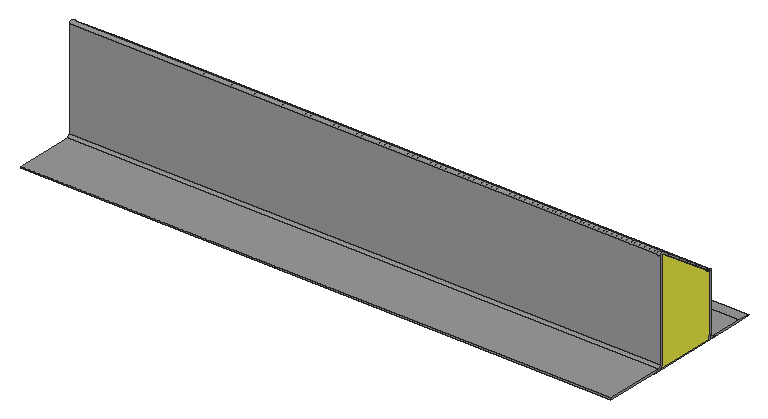
Revit family "HD K 130 WIL", category Generic Models, Revit 2014
Parameters (values of type "Max lintel length 2700mm")
  URL = "http://www.keystonelintels.co.uk"
  Structural Opening [instance] = 900 mm
  Structural Performance = "The Keystone lintel range has safe working loads as detailed in each applicable loading table in the Keystone Lintel Guide brochure. The structural performance figures within each table have been ascertained by testing in accordance with the requirements of standards BS EN 5977-2: 1983 and BS EN 845-2: 2003."
  RIBA Productor Selector = "available for Keystone Lintels Ltd from Keystone Lintels Ltd from ribaproductselector.com"
  Model = "HD/K 130 WIL"
  Min Length = 600 mm
  Min Clear Span = 300 mm
  Max Length = 2700 mm
  Max Clear Span = 2700 mm
  Material - Stainless Steel = "Grade 304 2b 1.4307 to BS EN 10088-2. Other grades available on request: contact manufacturer."
  Material - Galvanised Steel = "To BS EN 10346: 2009. DX51D plus Z600 or grade Z275 to BS 5977-2: 1983 (BS EN 845-2: 2003)."
  Manufacturer = "Keystone"
  Manufactured Length [instance] = (roundup(Effective Length / 150 mm) * 150 mm)  # 1200 mm
  Lintel height [instance] = 2100 mm
  Keynote = "F30/755"
  Fire Performance = "Keystone lintels have been subjected to a fire test (WARRES No. 101263) in accordance with BS 476-20: 1987, at Exova Warrington Fire and achieved a one hour fire performance."
  End Bearing = 150 mm
  Effective Length [instance] = Clear Opening with MIN MAX set + End Bearing * 2  # 1200 mm
  Corrosion = "Keystone’s standard range of lintels are manufactured from high quality grade pre-galvanized carbon steel with a zinc coating of 600"
  Contact Tel = "+44 (0)28 8676 2184"
  Contact Email = "info@keystonelintels.co.uk"
  Clear Opening with MIN MAX set [instance] = if(Structural Opening < Min Clear Span, Min Clear Span, (if(Structural Opening > Max Clear Span, Max Clear Span, Structural Opening)))  # 900 mm
  CPD Information = "Available for Keystone Lintels Ltd from ribacpd.com"
Reference planes
  plane 1 "Center (Front/Back)": y = 0
  plane 2: z = 0
  plane 3 "Center (Left/Right)": x = 0
  plane 4: x = -600
  plane 5: x = 600
  plane 6: z = 2100
  plane 7: x = -450
  plane 8: x = 450
Forms (mm)
  Extrusion 1, solid, material "Steel"
    sketch origin (0, 700.839, -504.723) x (0, 1, 0) y (0, 0, 1)
      loop
        line (-568.041, 2604.723) -> (-543.095, 2603.874) -> (-542.986, 2607.072) -> (-567.986, 2607.923) -> (-632.986, 2607.923)
        arc (-632.986, 2607.923) -> (-636.522, 2609.388) -> (-637.986, 2612.923) r 5
        line (-637.986, 2612.923) -> (-637.986, 2729.215)
        arc (-637.986, 2729.215) -> (-638.574, 2731.616) -> (-640.204, 2733.474) r 5.2
        line (-640.204, 2733.474) -> (-757.804, 2815.819)
        arc (-757.804, 2815.819) -> (-763.187, 2816.171) -> (-765.986, 2811.559) r 5.2
        line (-765.986, 2811.559) -> (-765.986, 2612.923)
        arc (-765.986, 2612.923) -> (-767.451, 2609.388) -> (-770.986, 2607.923) r 5
        line (-770.986, 2607.923) -> (-890.986, 2607.923) -> (-890.986, 2604.723) -> (-770.986, 2604.723)
        arc (-770.986, 2604.723) -> (-765.188, 2607.125) -> (-762.786, 2612.923) r 8.2
        line (-762.786, 2612.923) -> (-762.786, 2811.559)
        arc (-762.786, 2811.559) -> (-761.71, 2813.333) -> (-759.639, 2813.197) r 2
        line (-759.639, 2813.197) -> (-642.039, 2730.853)
        arc (-642.039, 2730.853) -> (-641.412, 2730.138) -> (-641.186, 2729.215) r 2
        line (-641.186, 2729.215) -> (-641.186, 2612.923)
        arc (-641.186, 2612.923) -> (-638.784, 2607.125) -> (-632.986, 2604.723) r 8.2
        line (-632.986, 2604.723) -> (-568.041, 2604.723)
    from -600 to 600
  Extrusion 2, solid, material "Steel"
    sketch origin (0, 700.839, -504.723) x (0, 1, 0) y (0, 0, 1)
      loop
        line (-779.457, 2603.723) -> (-624.426, 2603.723) -> (-624.426, 2604.723) -> (-638.957, 2604.723) -> (-641.426, 2604.723) -> (-641.426, 2612.723) -> (-642.426, 2612.723) -> (-642.426, 2604.723) -> (-779.457, 2604.723) -> (-779.457, 2603.723)
    from -600 to 600
  Extrusion 3, solid, material "Insulation"
    sketch origin (0, 700.839, -504.723) x (0, 1, 0) y (0, 0, 1)
      loop
        line (-642.426, 2604.723) -> (-642.426, 2612.723) -> (-641.426, 2612.723) -> (-641.426, 2604.723) -> (-638.957, 2604.723) -> (-632.986, 2604.723)
        arc (-632.986, 2604.723) -> (-638.784, 2607.125) -> (-641.186, 2612.923) r 8.2
        line (-641.186, 2612.923) -> (-641.186, 2729.215)
        arc (-641.186, 2729.215) -> (-641.412, 2730.138) -> (-642.039, 2730.853) r 2
        line (-642.039, 2730.853) -> (-759.639, 2813.197)
        arc (-759.639, 2813.197) -> (-761.71, 2813.333) -> (-762.786, 2811.559) r 2
        line (-762.786, 2811.559) -> (-762.786, 2612.923)
        arc (-762.786, 2612.923) -> (-765.188, 2607.125) -> (-770.986, 2604.723) r 8.2
        line (-770.986, 2604.723) -> (-642.426, 2604.723)
    from -600 to 600
  Extrusion 4, solid, not visible
    sketch origin (0, 971.816, 1223.501) x (0, 1, 0) y (0, 0, 1)
      loop
        line (-568.041, 1004.723) -> (-543.095, 1003.874) -> (-542.986, 1007.072) -> (-567.986, 1007.923) -> (-632.986, 1007.923)
        arc (-632.986, 1007.923) -> (-636.522, 1009.388) -> (-637.986, 1012.923) r 5
        line (-637.986, 1012.923) -> (-637.986, 1129.215)
        arc (-637.986, 1129.215) -> (-638.574, 1131.616) -> (-640.204, 1133.474) r 5.2
        line (-640.204, 1133.474) -> (-757.804, 1215.819)
        arc (-757.804, 1215.819) -> (-763.187, 1216.171) -> (-765.986, 1211.559) r 5.2
        line (-765.986, 1211.559) -> (-765.986, 1012.923)
        arc (-765.986, 1012.923) -> (-767.451, 1009.388) -> (-770.986, 1007.923) r 5
        line (-770.986, 1007.923) -> (-890.986, 1007.923) -> (-890.986, 1004.723) -> (-770.986, 1004.723)
        arc (-770.986, 1004.723) -> (-765.188, 1007.125) -> (-762.786, 1012.923) r 8.2
        line (-762.786, 1012.923) -> (-762.786, 1211.559)
        arc (-762.786, 1211.559) -> (-761.71, 1213.333) -> (-759.639, 1213.197) r 2
        line (-759.639, 1213.197) -> (-642.039, 1130.853)
        arc (-642.039, 1130.853) -> (-641.412, 1130.138) -> (-641.186, 1129.215) r 2
        line (-641.186, 1129.215) -> (-641.186, 1012.923)
        arc (-641.186, 1012.923) -> (-638.784, 1007.125) -> (-632.986, 1004.723) r 8.2
        line (-632.986, 1004.723) -> (-568.041, 1004.723)
    from 0 to 250
  Extrusion 5, solid, not visible
    sketch origin (0, 602.724, 1240.059) x (0, 1, 0) y (0, 0, 1)
      loop
        line (-642.426, 1004.723) -> (-642.426, 1012.723) -> (-641.426, 1012.723) -> (-641.426, 1004.723) -> (-638.957, 1004.723) -> (-632.986, 1004.723)
        arc (-632.986, 1004.723) -> (-638.784, 1007.125) -> (-641.186, 1012.923) r 8.2
        line (-641.186, 1012.923) -> (-641.186, 1129.215)
        arc (-641.186, 1129.215) -> (-641.412, 1130.138) -> (-642.039, 1130.853) r 2
        line (-642.039, 1130.853) -> (-759.639, 1213.197)
        arc (-759.639, 1213.197) -> (-761.71, 1213.333) -> (-762.786, 1211.559) r 2
        line (-762.786, 1211.559) -> (-762.786, 1012.923)
        arc (-762.786, 1012.923) -> (-765.188, 1007.125) -> (-770.986, 1004.723) r 8.2
        line (-770.986, 1004.723) -> (-642.426, 1004.723)
    from 0 to 250
  Extrusion 6, solid, not visible
    sketch origin (0, 934.319, 984.699) x (0, 1, 0) y (0, 0, 1)
      loop
        line (-779.457, 1003.723) -> (-624.426, 1003.723) -> (-624.426, 1004.723) -> (-638.957, 1004.723) -> (-641.426, 1004.723) -> (-641.426, 1012.723) -> (-642.426, 1012.723) -> (-642.426, 1004.723) -> (-779.457, 1004.723) -> (-779.457, 1003.723)
    from 0 to 250
Dimensions and locks
  equal spacing: plane 4, plane 3 "Center (Left/Right)", plane 5
  "Manufactured Length": plane 4 to plane 5
  "Lintel height": plane 6 to level
  "Structural Opening": plane 7 to plane 8
  equal spacing: plane 7, plane 3 "Center (Left/Right)", plane 8
  aligned and locked: level to plane 2
  aligned and locked: Extrusion 1 to plane 6
  aligned and locked: Extrusion 3 to plane 6
  aligned and locked: plane 6 to Extrusion 2
  aligned and locked: plane 5 to Extrusion 1
  aligned and locked: Extrusion 1 to plane 4
  aligned and locked: plane 5 to Extrusion 3
  aligned and locked: Extrusion 3 to plane 4
  aligned and locked: plane 5 to Extrusion 2
  aligned and locked: Extrusion 2 to plane 4
Automatic sketch dimensions
  Extrusion 1 sketch curve to Extrusion 1 sketch curve = 24.946 mm
  Extrusion 1 sketch curve to Extrusion 1 sketch curve = 0.109 mm
  Extrusion 1 sketch curve to Extrusion 1 sketch curve = 0.849 mm
  Extrusion 1 sketch curve to Extrusion 1 sketch curve = 0.054 mm
  Extrusion 1 sketch curve to Extrusion 1 sketch curve = 65 mm
  Extrusion 1 sketch curve to Extrusion 1 sketch curve = 5 mm  (x2)
  Extrusion 1 sketch curve to Extrusion 1 sketch curve = 116.291 mm
  Extrusion 1 sketch curve to Extrusion 1 sketch curve = 0 mm  (x17)
  Extrusion 1 sketch curve to Extrusion 1 sketch curve = 2 mm
  Extrusion 1 sketch curve to Extrusion 1 sketch curve = 0.853 mm
  Extrusion 1 sketch curve to Extrusion 1 sketch curve = 1.835 mm  (x2)
  Extrusion 1 sketch curve to Extrusion 1 sketch curve = 117.6 mm
  Extrusion 1 sketch curve to Extrusion 1 sketch curve = 82.344 mm
  Extrusion 1 sketch curve to Extrusion 1 sketch curve = 2.621 mm
  Extrusion 1 sketch curve to Extrusion 1 sketch curve = 1.147 mm
  Extrusion 1 sketch curve to Extrusion 1 sketch curve = 1.638 mm
  Extrusion 1 sketch curve to Extrusion 1 sketch curve = 120 mm
  Extrusion 2 sketch curve to Extrusion 2 sketch curve = 155.031 mm
  Extrusion 2 sketch curve to Extrusion 2 sketch curve = 1 mm  (x2)
  Extrusion 2 sketch curve to Extrusion 2 sketch curve = 14.531 mm
  Extrusion 2 sketch curve to Extrusion 2 sketch curve = 2.469 mm
  Extrusion 2 sketch curve to Extrusion 2 sketch curve = 8 mm
  Extrusion 2 sketch curve to Extrusion 2 sketch curve = 0 mm
  Extrusion 3 sketch curve to Extrusion 3 sketch curve = 128.56 mm
  Extrusion 3 sketch curve to Extrusion 3 sketch curve = 8 mm
  Extrusion 3 sketch curve to Extrusion 3 sketch curve = 1 mm
  Extrusion 3 sketch curve to Extrusion 3 sketch curve = 0 mm  (x2)
  Extrusion 3 sketch curve to Extrusion 3 sketch curve = 2.469 mm
  Extrusion 3 sketch curve to Extrusion 3 sketch curve = 5.971 mm
  Extrusion 3 sketch curve to Extrusion 3 sketch curve = 8.44 mm
  Extrusion 3 sketch curve to Extrusion 3 sketch curve = 8.2 mm  (x3)
  Extrusion 3 sketch curve to Extrusion 3 sketch curve = 116.291 mm
  Extrusion 3 sketch curve to Extrusion 3 sketch curve = 82.344 mm
  Extrusion 3 sketch curve to Extrusion 3 sketch curve = 2 mm
  Extrusion 3 sketch curve to Extrusion 3 sketch curve = 0.853 mm
  Extrusion 3 sketch curve to Extrusion 3 sketch curve = 3.147 mm
  Extrusion 3 sketch curve to Extrusion 3 sketch curve = 1.638 mm
  Extrusion 3 sketch curve to Extrusion 3 sketch curve = 0.2 mm
  Extrusion 4 sketch curve to Extrusion 4 sketch curve = 24.946 mm
  Extrusion 4 sketch curve to Extrusion 4 sketch curve = 0.109 mm
  Extrusion 4 sketch curve to Extrusion 4 sketch curve = 0.849 mm
  Extrusion 4 sketch curve to Extrusion 4 sketch curve = 0.054 mm
  Extrusion 4 sketch curve to Extrusion 4 sketch curve = 65 mm
  Extrusion 4 sketch curve to Extrusion 4 sketch curve = 5 mm  (x2)
  Extrusion 4 sketch curve to Extrusion 4 sketch curve = 116.291 mm
  Extrusion 4 sketch curve to Extrusion 4 sketch curve = 0 mm  (x17)
  Extrusion 4 sketch curve to Extrusion 4 sketch curve = 2 mm
  Extrusion 4 sketch curve to Extrusion 4 sketch curve = 0.853 mm
  Extrusion 4 sketch curve to Extrusion 4 sketch curve = 1.835 mm  (x2)
  Extrusion 4 sketch curve to Extrusion 4 sketch curve = 117.6 mm
  Extrusion 4 sketch curve to Extrusion 4 sketch curve = 82.344 mm
  Extrusion 4 sketch curve to Extrusion 4 sketch curve = 2.621 mm
  Extrusion 4 sketch curve to Extrusion 4 sketch curve = 1.147 mm
  Extrusion 4 sketch curve to Extrusion 4 sketch curve = 1.638 mm
  Extrusion 4 sketch curve to Extrusion 4 sketch curve = 120 mm
  Extrusion 5 sketch curve to Extrusion 5 sketch curve = 128.56 mm
  Extrusion 5 sketch curve to Extrusion 5 sketch curve = 8 mm
  Extrusion 5 sketch curve to Extrusion 5 sketch curve = 1 mm
  Extrusion 5 sketch curve to Extrusion 5 sketch curve = 0 mm  (x2)
  Extrusion 5 sketch curve to Extrusion 5 sketch curve = 2.469 mm
  Extrusion 5 sketch curve to Extrusion 5 sketch curve = 5.971 mm
  Extrusion 5 sketch curve to Extrusion 5 sketch curve = 8.44 mm
  Extrusion 5 sketch curve to Extrusion 5 sketch curve = 8.2 mm  (x3)
  Extrusion 5 sketch curve to Extrusion 5 sketch curve = 116.291 mm
  Extrusion 5 sketch curve to Extrusion 5 sketch curve = 82.344 mm
  Extrusion 5 sketch curve to Extrusion 5 sketch curve = 2 mm
  Extrusion 5 sketch curve to Extrusion 5 sketch curve = 0.853 mm
  Extrusion 5 sketch curve to Extrusion 5 sketch curve = 3.147 mm
  Extrusion 5 sketch curve to Extrusion 5 sketch curve = 1.638 mm
  Extrusion 5 sketch curve to Extrusion 5 sketch curve = 0.2 mm
  Extrusion 6 sketch curve to Extrusion 6 sketch curve = 155.031 mm
  Extrusion 6 sketch curve to Extrusion 6 sketch curve = 1 mm  (x2)
  Extrusion 6 sketch curve to Extrusion 6 sketch curve = 14.531 mm
  Extrusion 6 sketch curve to Extrusion 6 sketch curve = 2.469 mm
  Extrusion 6 sketch curve to Extrusion 6 sketch curve = 8 mm
  Extrusion 6 sketch curve to Extrusion 6 sketch curve = 0 mm
  Extrusion 2 sketch curve to plane 6 = 0 mm
  plane 1 "Center (Front/Back)" to Extrusion 2 sketch curve = 78.618 mm
  Extrusion 3 sketch curve to plane 6 = 0 mm
  plane 1 "Center (Front/Back)" to Extrusion 3 sketch curve = 70.147 mm
  Extrusion 1 sketch curve to plane 6 = 0 mm
  plane 1 "Center (Front/Back)" to Extrusion 1 sketch curve = 190.147 mm
